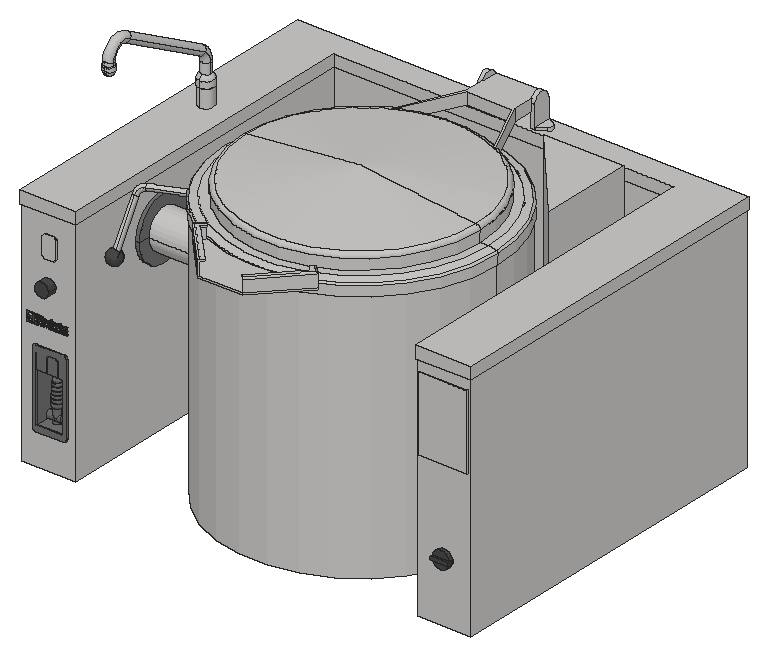
Revit family "QF_ELECTROLUXPROFESSIONAL_586920_PBOT15GDCS", category Specialty Equipment, Revit 2018 (continued)
Automatic sketch dimensions
  Extrusion 25 sketch curve to Extrusion 25 sketch curve = 0.996 mm
  Extrusion 25 sketch curve to Extrusion 25 sketch curve = 0.297 mm  (x2)
  Extrusion 25 sketch curve to Extrusion 25 sketch curve = 2.359 mm
  Extrusion 25 sketch curve to Extrusion 25 sketch curve = 0.839 mm
  Extrusion 25 sketch curve to Extrusion 25 sketch curve = 0.892 mm  (x2)
  Extrusion 25 sketch curve to Extrusion 25 sketch curve = 0.563 mm
  Extrusion 25 sketch curve to Extrusion 25 sketch curve = 1.037 mm
  Extrusion 25 sketch curve to Extrusion 25 sketch curve = 0.531 mm  (x2)
  Extrusion 25 sketch curve to Extrusion 25 sketch curve = 0.068 mm  (x2)
  Extrusion 25 sketch curve to Extrusion 25 sketch curve = 0.203 mm
  Extrusion 25 sketch curve to Extrusion 25 sketch curve = 0.107 mm  (x2)
  Extrusion 25 sketch curve to Extrusion 25 sketch curve = 1.305 mm
  Extrusion 25 sketch curve to Extrusion 25 sketch curve = 1.058 mm
  Extrusion 25 sketch curve to Extrusion 25 sketch curve = 0.365 mm
  Extrusion 25 sketch curve to Extrusion 25 sketch curve = 0.15 mm  (x2)
  Extrusion 25 sketch curve to Extrusion 25 sketch curve = 0.475 mm
  Extrusion 25 sketch curve to Extrusion 25 sketch curve = 0.292 mm
  Extrusion 25 sketch curve to Extrusion 25 sketch curve = 0.434 mm  (x2)
  Extrusion 25 sketch curve to Extrusion 25 sketch curve = 0.385 mm  (x2)
  Extrusion 25 sketch curve to Extrusion 25 sketch curve = 2.117 mm
  Extrusion 25 sketch curve to Extrusion 25 sketch curve = 0.295 mm  (x2)
  Extrusion 25 sketch curve to Extrusion 25 sketch curve = 0.968 mm
  Extrusion 25 sketch curve to Extrusion 25 sketch curve = 3.826 mm
  Extrusion 25 sketch curve to Extrusion 25 sketch curve = 1.018 mm  (x2)
  Extrusion 25 sketch curve to Extrusion 25 sketch curve = 4.718 mm
  Extrusion 25 sketch curve to Extrusion 25 sketch curve = 2.967 mm
  Extrusion 25 sketch curve to Extrusion 25 sketch curve = 1.662 mm
  Extrusion 25 sketch curve to Extrusion 25 sketch curve = 1.626 mm  (x3)
  Extrusion 25 sketch curve to Extrusion 25 sketch curve = 1.65 mm
  Extrusion 25 sketch curve to Extrusion 25 sketch curve = 1.192 mm
  Extrusion 25 sketch curve to Extrusion 25 sketch curve = 2.57 mm  (x2)
  Extrusion 25 sketch curve to Extrusion 25 sketch curve = 3.444 mm  (x2)
  Extrusion 25 sketch curve to Extrusion 25 sketch curve = 1.343 mm  (x2)
  Extrusion 25 sketch curve to Extrusion 25 sketch curve = 1.353 mm  (x2)
  Extrusion 25 sketch curve to Extrusion 25 sketch curve = 0.027 mm  (x2)
  Extrusion 25 sketch curve to Extrusion 25 sketch curve = 0.395 mm  (x2)
  Extrusion 25 sketch curve to Extrusion 25 sketch curve = 0.329 mm  (x2)
  Extrusion 25 sketch curve to Extrusion 25 sketch curve = 0.425 mm  (x2)
  Extrusion 25 sketch curve to Extrusion 25 sketch curve = 0.051 mm  (x2)
  Extrusion 25 sketch curve to Extrusion 25 sketch curve = 0.495 mm  (x2)
  Extrusion 25 sketch curve to Extrusion 25 sketch curve = 0.267 mm  (x2)
  Extrusion 25 sketch curve to Extrusion 25 sketch curve = 1.4 mm
  Extrusion 25 sketch curve to Extrusion 25 sketch curve = 5.233 mm
  Extrusion 25 sketch curve to Extrusion 25 sketch curve = 2.062 mm
  plane 3 "LEFT" to Extrusion 26 sketch curve = 43.4 mm
  Extrusion 26 sketch curve to Extrusion 26 sketch curve = 82 mm
  plane 7 to Extrusion 26 sketch curve = 105.944 mm
  Extrusion 26 sketch curve to Extrusion 26 sketch curve = 195 mm
  Extrusion 21 sketch curve to Extrusion 21 sketch curve = 0 mm
  radius of Extrusion 4 sketch curve = 10 mm
  radius of Extrusion 16 sketch curve = 25 mm
  radius of curve 38 = 25 mm
  radius of Extrusion 18 sketch curve = 20 mm
  radius of Extrusion 21 sketch curve = 6.35 mm  (x2)
  radius of Extrusion 21 sketch curve = 12.7 mm
  radius of Extrusion 25 sketch curve = 2.453 mm
  radius of Extrusion 25 sketch curve = 1.557 mm
  radius of Extrusion 25 sketch curve = 1.468 mm
  radius of Extrusion 25 sketch curve = 2.451 mm
Nested families
  nested 1: "Electrolux_Handle" at (340.415, -646.592, 23.642) x (0.9205, 0.3907, 0) z (0, 0, 1), type "Family1"
  nested 2: "QF_ELECTROLUXPROFESSIONAL_RubSprint" at (80, -230.346, 900), type "QF_ELECTROLUXPROFESSIONAL_RubSprint"
  nested 3: "QF_ELECTROLUXPROFESSIONAL_SprayGun" at (80.4, -737, 291.944), type "QF_ELECTROLUXPROFESSIONAL_SprayGun"
Connectors
  electrical at (1220, 200, 450), driven by "Volts"
    settings: on Extrusion 4, index 1, voltage 230 V, apparent load 300 VA, apparent load phase1 0 VA, apparent load phase2 0 VA, apparent load phase3 0 VA, power factor 1, load classification "Other", number of poles 1, system type 30, power factor state 1, is connector primary yes, connector utility no, sub classification motor no, connector description "Electrical Connection"
  piping at (110.571, 200, 395), diameter 12.7
    settings: on Extrusion 21, index 2, connector inside diameter 1/2", connector length 0 mm, flow factor 0, pipe flow 0 GPM, pressure drop 0.00 psi, fitting loss kfactor 0, connector angle 0.00°, fixture units 0, engagement length 0 mm, angle of deflection 0.00°, flow configuration 1, flow direction 1, fitting loss method 0, system type 20, joint type 0, gender type 0, connector reference index -1, connector utility 0, adjustable connector no, is connector primary yes, connector description "Cold Water Inlet"
  piping at (50, 200, 395), diameter 12.7
    settings: on Extrusion 21, index 3, connector inside diameter 1/2", connector length 0 mm, flow factor 0, pipe flow 0 GPM, pressure drop 0.00 psi, fitting loss kfactor 0, connector angle 0.00°, fixture units 0, engagement length 0 mm, angle of deflection 0.00°, flow configuration 1, flow direction 1, fitting loss method 0, system type 19, joint type 0, gender type 0, connector reference index -1, connector utility 0, adjustable connector no, is connector primary no, connector description "Hot Water Inlet"
  piping at (80.571, 200, 345), diameter 25.4
    settings: on Extrusion 21, index 4, connector inside diameter 1", connector length 0 mm, flow factor 0, pipe flow 0 GPM, pressure drop 0.00 psi, fitting loss kfactor 0, connector angle 0.00°, fixture units 0, engagement length 0 mm, angle of deflection 0.00°, flow configuration 1, flow direction 1, fitting loss method 0, system type 7, joint type 0, gender type 0, connector reference index -1, connector utility 0, adjustable connector no, is connector primary no, connector description "Gas Connection"
Definition of nested family "Electrolux_Handle"
  Parameters
    Assembly Code = ""
  Reference planes
    plane 1 "Center (Front/Back)": y = 0
    plane 2: z = 0
    plane 3 "Center (Left/Right)": x = 0
  Forms (mm)
    Sweep 1, solid
      path origin (0, -272.67, 40.751) x (1, 0, 0) y (0, 0.292372, 0.956305)
        loop
          line (16.511, 924.614) -> (-78.489, 924.614)
          arc (-78.489, 924.614) -> (-94.127, 919.229) -> (-103.135, 905.359) r 25.4
          line (-103.135, 905.359) -> (-140.724, 754.597)
      profile origin (-30.989, -2.339, 924.963) x (0, -0.292372, -0.956305) y (0, -0.956305, 0.292372)
        loop
          circle (0, 0) r 8
    Revolve 2, solid
      sketch origin (0, -272.67, 40.751) x (1, 0, 0) y (0, 0.292372, 0.956305)
        loop
          arc (-160.764, 759.594) -> (-145.72, 734.557) -> (-120.683, 749.601) r 20.654
          line (-120.683, 749.601) -> (-160.764, 759.594)
        axis (-120.683, 749.601) -> (-160.764, 759.594)
      angle from 0 to 360
  Lines and regions (mm)
    symbolic lines
      curve 1: line (16.511, 5.661, 0) -> (-87.322, 5.661, 0)
      curve 2: line (16.511, -9.989, 0) -> (-86.193, -9.989, 0)
      curve 3: line (-133.697, -56.773, 0) -> (-97.513, -15.149, 0)
      curve 4: line (-146.568, -45.584, 0) -> (-111.666, -5.433, 0)
      curve 5: arc (-135.59, -32.955, 0) -> (-154.333, -67.194, 0) -> (-122.78, -44.215, 0) r 20
      curve 6: arc (-146.568, -45.584, 0) -> (-145.727, -57.614, 0) -> (-133.697, -56.773, 0) r 8.527
      curve 7: arc (-87.322, 5.661, 0) -> (-100.698, 2.757, 0) -> (-111.666, -5.433, 0) r 32.256
      curve 8: arc (-86.193, -9.989, 0) -> (-92.413, -11.34, 0) -> (-97.513, -15.149, 0) r 15
  Dimensions and locks
    aligned and locked: level to plane 2
    aligned and locked: Revolve 2 sketch curve to Sweep 1  (x2)
    aligned and locked: curve 1 to Sweep 1
    aligned and locked: Sweep 1 to curve 2
Definition of nested family "QF_ELECTROLUXPROFESSIONAL_RubSprint"
  Reference planes
    plane 1 "Center (Front/Back)": y = 0
    plane 2: z = 0
    plane 3 "Center (Left/Right)": x = 0
  Forms (mm)
    Revolve 1, solid
      sketch origin (0, 0, 0) x (0, 1, 0) y (0, 0, 1)
        loop
          line (-21, 0) -> (0, 0) -> (0, 82.75) -> (-14.385, 82.75)
          arc (-14.385, 82.75) -> (-19.409, 76.68) -> (-22.385, 69.383) r 26
          line (-22.385, 69.383) -> (-22.385, 51.306) -> (-21, 50.388) -> (-21, 0)
        axis (0, 82.75) -> (0, 0)
      angle from 0 to 360
    Sweep 2, solid
      path origin (0, 0, 0) x (0, 1, 0) y (0, 0, 1)
        loop
          line (0, 82.75) -> (0, 113.75)
          arc (0, 113.75) -> (-5.44, 133.889) -> (-20.279, 148.551) r 40
          line (-20.279, 148.551) -> (-290.279, 301.55)
          arc (-290.279, 301.55) -> (-330.139, 301.31) -> (-349.999, 266.749) r 40
          line (-349.999, 266.749) -> (-349.999, 257.884)
      profile origin (0, 0, 98.25) x (0, -1, 0) y (1, 0, 0)
        loop
          circle (0, 0) r 13.5
    Revolve 3, solid
      sketch origin (0, 0, 0) x (0, 1, 0) y (0, 0, 1)
        loop
          line (-333.717, 244.264) -> (-333.717, 254.236)
          arc (-333.717, 254.236) -> (-334.434, 255.758) -> (-335.779, 256.77) r 3.5
          line (-335.779, 256.77) -> (-336.499, 257.884) -> (-349.999, 257.884) -> (-349.999, 233.05) -> (-339.2, 233.05)
          arc (-339.2, 233.05) -> (-338.052, 233.411) -> (-337.32, 234.365) r 2
          line (-337.32, 234.365) -> (-333.717, 244.264)
        axis (-349.999, 257.884) -> (-349.999, 233.05)
      angle from 0 to 360
  Lines and regions (mm)
    symbolic lines
      curve 1: arc (-13.5, -17.856, 0) -> (0, 22.385, 0) -> (13.5, -17.856, 0) r 22.385
      curve 2: arc (-13.5, 0, 0) -> (0, 13.5, 0) -> (13.5, 0, 0) r 13.5
      curve 3: arc (-13.5, -349.999, 0) -> (0, -363.499, 0) -> (13.5, -349.999, 0) r 13.5
      curve 4: arc (-13.5, -340.897, 0) -> (0, -366.281, 0) -> (13.5, -340.897, 0) r 16.282
      curve 5: line (13.5, -349.999, 0) -> (13.5, 0, 0)
      curve 6: line (-13.5, -349.999, 0) -> (-13.5, 0, 0)
  Dimensions and locks
    aligned and locked: level to plane 2
Definition of nested family "QF_ELECTROLUXPROFESSIONAL_SprayGun"
  Reference planes
    plane 1 "Center (Front/Back)": y = 0
    plane 2: z = 0
    plane 3 "SGy": x = 13
    plane 4 "AxeZ": y = -45
    plane 5 "Center (Left/Right)": x = 4
    plane 6 "Center (Top/Right)": z = 112.5
  Forms (mm)
    Revolve 1, solid
      sketch origin (0, -45, 0) x (0, 0, 1) y (-1, 0, 0)
        loop
          line (73.98, -1.423) -> (33.98, -1.423) -> (33.98, -13) -> (151.7, -13) -> (151.7, -4.362)
          arc (151.7, -4.362) -> (147.093, -1.396) -> (141.64, -1.926) r 8.345
          arc (141.64, -1.926) -> (140.226, -2.024) -> (139.103, -1.16) r 2
          arc (139.103, -1.16) -> (138.832, -0.814) -> (138.493, -0.536) r 2
          arc (138.493, -0.536) -> (134.77, 0.557) -> (131.061, -0.581) r 6.745
          arc (131.061, -0.581) -> (129.812, -0.914) -> (128.62, -0.414) r 2
          arc (128.62, -0.414) -> (124.347, 1.338) -> (119.917, 0.035) r 6.972
          arc (119.917, 0.035) -> (118.79, -0.341) -> (117.648, -0.011) r 2
          arc (117.648, -0.011) -> (113.81, 1.188) -> (109.921, 0.166) r 7.275
          arc (109.921, 0.166) -> (108.725, -0.109) -> (107.594, 0.367) r 2
          arc (107.594, 0.367) -> (103.55, 1.928) -> (99.427, 0.587) r 6.475
          arc (99.427, 0.587) -> (98.262, 0.173) -> (97.076, 0.524) r 2
          arc (97.076, 0.524) -> (92.711, 1.941) -> (88.277, 0.758) r 8.094
          arc (88.277, 0.758) -> (87.212, 0.464) -> (86.153, 0.781) r 2
          arc (86.153, 0.781) -> (79.633, 2.075) -> (73.98, -1.423) r 9.075
        axis (151.7, -13) -> (33.98, -13)
      angle from 0 to 360
    Revolve 2, solid
      sketch origin (0, -45, 0) x (0, 0, 1) y (-1, 0, 0)
        loop
          line (47.58, 11.558) -> (40.98, 11.558) -> (40.98, 9.577) -> (35.98, 9.577) -> (35.98, -30.423) -> (40.98, -30.423) -> (40.98, -35.423) -> (47.58, -35.423) -> (47.58, 11.558)
        axis (47.58, 11.558) -> (47.58, -35.423)
      angle from 0 to 360
    Extrusion 3, solid
      sketch origin (0, -45, 0) x (1, 0, 0) y (0, 1, 0)
        loop
          line (21.638, 0) -> (17.319, 7.481) -> (8.681, 7.481) -> (4.362, 0) -> (8.681, -7.481) -> (17.319, -7.481) -> (21.638, 0)
      from 151.7 to 160.974
    Extrusion 4, solid
      sketch origin (0, 0, 0) x (1, 0, 0) y (0, 0, 1)
        loop
          arc (-45, 10) -> (-42.071, 2.929) -> (-35, 0) r 10
          line (-35, 0) -> (43, 0)
          arc (43, 0) -> (50.071, 2.929) -> (53, 10) r 10
          line (53, 10) -> (53, 215)
          arc (53, 215) -> (50.071, 222.071) -> (43, 225) r 10
          line (43, 225) -> (-35, 225)
          arc (-35, 225) -> (-42.071, 222.071) -> (-45, 215) r 10
          line (-45, 215) -> (-45, 10)
        loop
          line (-35, 162) -> (-35, 16) -> (43, 16) -> (43, 162) -> (29, 162) -> (29, 199)
          arc (29, 199) -> (26.657, 204.657) -> (21, 207) r 8
          line (21, 207) -> (5, 207)
          arc (5, 207) -> (-0.657, 204.657) -> (-3, 199) r 8
          line (-3, 199) -> (-3, 162) -> (-35, 162)
      from 63 to 60
    Extrusion 5, solid
      sketch origin (0, 0, 0) x (1, 0, 0) y (0, 0, 1)
        loop
          line (-35, 16) -> (43, 16) -> (43, 162) -> (29, 162) -> (29, 199)
          arc (29, 199) -> (26.657, 204.657) -> (21, 207) r 8
          line (21, 207) -> (5, 207)
          arc (5, 207) -> (-0.657, 204.657) -> (-3, 199) r 8
          line (-3, 199) -> (-3, 162) -> (-35, 162) -> (-35, 16)
        loop
          line (31, 164) -> (31, 199)
          arc (31, 199) -> (28.071, 206.071) -> (21, 209) r 10
          line (21, 209) -> (5, 209)
          arc (5, 209) -> (-2.071, 206.071) -> (-5, 199) r 10
          line (-5, 199) -> (-5, 164) -> (-37, 164) -> (-37, 14) -> (45, 14) -> (45, 164) -> (31, 164)
      from 0 to 60
    Extrusion 6, solid
      sketch origin (0, 0, 0) x (1, 0, 0) y (0, 0, 1)
        loop
          line (-37, 164) -> (-37, 14) -> (45, 14) -> (45, 164) -> (-37, 164)
      from 6 to 0
    Extrusion 7, solid
      sketch origin (0, 0, 0) x (1, 0, 0) y (0, 0, 1)
        loop
          line (28, 160.974) -> (28, 198)
          arc (28, 198) -> (25.657, 203.657) -> (20, 206) r 8
          line (20, 206) -> (6, 206)
          arc (6, 206) -> (0.343, 203.657) -> (-2, 198) r 8
          line (-2, 198) -> (-2, 160.974) -> (28, 160.974)
      from 0 to 63
  Dimensions and locks
    equal spacing: Extrusion 4, plane 5 "Center (Left/Right)", Extrusion 4
    Extrusion 4 to Extrusion 4 = 225 mm
    Extrusion 4 to Extrusion 4 = 98 mm
    aligned and locked: level to plane 2
  Automatic sketch dimensions
    plane 3 "SGy" to Revolve 1 sketch curve = 0 mm  (x2)
    plane 5 "Center (Left/Right)" to Revolve 1 sketch curve = 2.577 mm
    level to Revolve 1 sketch curve = 33.98 mm
    Revolve 1 sketch curve to Revolve 1 sketch curve = 40 mm
    Revolve 1 sketch curve to plane 5 "Center (Left/Right)" = 2.854 mm
    Revolve 1 sketch curve to Revolve 1 sketch curve = 7.27 mm
    Revolve 1 sketch curve to Revolve 1 sketch curve = 5.984 mm
    Revolve 1 sketch curve to plane 5 "Center (Left/Right)" = 2.15 mm
    Revolve 1 sketch curve to Revolve 1 sketch curve = 5.262 mm
    Revolve 1 sketch curve to Revolve 1 sketch curve = 5.712 mm
    Revolve 1 sketch curve to plane 5 "Center (Left/Right)" = 0.545 mm
    Revolve 1 sketch curve to Revolve 1 sketch curve = 5.167 mm
    Revolve 1 sketch curve to Revolve 1 sketch curve = 5.522 mm
    Revolve 1 sketch curve to plane 5 "Center (Left/Right)" = 2.085 mm
    Revolve 1 sketch curve to Revolve 1 sketch curve = 4.746 mm
    Revolve 1 sketch curve to Revolve 1 sketch curve = 5.106 mm
    Revolve 1 sketch curve to plane 5 "Center (Left/Right)" = 1.624 mm
    Revolve 1 sketch curve to Revolve 1 sketch curve = 5.239 mm
    Revolve 1 sketch curve to Revolve 1 sketch curve = 5.96 mm
    Revolve 1 sketch curve to plane 5 "Center (Left/Right)" = 2.187 mm
    Revolve 1 sketch curve to Revolve 1 sketch curve = 4.862 mm
    plane 5 "Center (Left/Right)" to Revolve 1 sketch curve = 1.788 mm
    Revolve 1 sketch curve to Revolve 1 sketch curve = 2.59 mm
    Revolve 1 sketch curve to Revolve 1 sketch curve = 3.403 mm
    plane 3 "SGy" to Revolve 1 sketch curve = 3.493 mm
    Revolve 1 sketch curve to Revolve 1 sketch curve = 4.325 mm
    Revolve 1 sketch curve to Revolve 1 sketch curve = 6.57 mm
    Revolve 1 sketch curve to plane 5 "Center (Left/Right)" = 0.362 mm
    plane 5 "Center (Left/Right)" to Revolve 1 sketch curve = 3.891 mm
    plane 5 "Center (Left/Right)" to Revolve 1 sketch curve = 5.081 mm
    plane 5 "Center (Left/Right)" to Revolve 1 sketch curve = 5.658 mm
    plane 5 "Center (Left/Right)" to Revolve 1 sketch curve = 5.884 mm
    plane 5 "Center (Left/Right)" to Revolve 1 sketch curve = 6.173 mm
    plane 5 "Center (Left/Right)" to Revolve 1 sketch curve = 6.464 mm
    Revolve 1 sketch curve to Revolve 1 sketch curve = 7.72 mm
    Revolve 1 sketch curve to Revolve 1 sketch curve = 0 mm  (x12)
    Revolve 1 sketch curve to Revolve 1 sketch curve = 1.57 mm
    Revolve 2 sketch curve to plane 3 "SGy" = 17.423 mm
    level to Revolve 2 sketch curve = 35.98 mm
    Revolve 2 sketch curve to Revolve 2 sketch curve = 5 mm  (x3)
    Revolve 2 sketch curve to Revolve 2 sketch curve = 6.6 mm
    plane 5 "Center (Left/Right)" to Revolve 2 sketch curve = 13.577 mm
    Revolve 2 sketch curve to Revolve 2 sketch curve = 1.981 mm
    Revolve 2 sketch curve to Revolve 2 sketch curve = 0 mm  (x2)
    Revolve 2 sketch curve to Revolve 2 sketch curve = 4.326 mm
    plane 4 "AxeZ" to Extrusion 3 sketch curve = 0 mm  (x2)
    Extrusion 3 sketch curve to plane 5 "Center (Left/Right)" = 0.362 mm
    plane 3 "SGy" to Extrusion 3 sketch curve = 4.319 mm  (x2)
    Extrusion 3 sketch curve to plane 3 "SGy" = 4.319 mm  (x2)
    Extrusion 3 sketch curve to Extrusion 3 sketch curve = 4.319 mm
    plane 4 "AxeZ" to Extrusion 3 sketch curve = 7.481 mm
    Extrusion 3 sketch curve to plane 4 "AxeZ" = 7.481 mm
    Extrusion 4 sketch curve to level = 0 mm
    level to Extrusion 4 sketch curve = 10 mm
    plane 5 "Center (Left/Right)" to Extrusion 4 sketch curve = 49 mm
    Extrusion 4 sketch curve to Extrusion 4 sketch curve = 10 mm  (x2)
    Extrusion 4 sketch curve to Extrusion 4 sketch curve = 0 mm  (x3)
    plane 5 "Center (Left/Right)" to Extrusion 4 sketch curve = 7 mm
    Extrusion 4 sketch curve to plane 5 "Center (Left/Right)" = 1 mm
    Extrusion 4 sketch curve to plane 3 "SGy" = 8 mm
    Extrusion 4 sketch curve to plane 3 "SGy" = 16 mm
    Extrusion 4 sketch curve to Extrusion 4 sketch curve = 14 mm  (x2)
    Extrusion 4 sketch curve to Extrusion 4 sketch curve = 6 mm
    Extrusion 4 sketch curve to Extrusion 4 sketch curve = 146 mm
    Extrusion 4 sketch curve to Extrusion 4 sketch curve = 37 mm
    Extrusion 4 sketch curve to Extrusion 4 sketch curve = 16 mm
    Extrusion 5 sketch curve to Extrusion 5 sketch curve = 0 mm  (x5)
    level to Extrusion 5 sketch curve = 14 mm
    plane 5 "Center (Left/Right)" to Extrusion 5 sketch curve = 41 mm
    Extrusion 5 sketch curve to Extrusion 5 sketch curve = 2 mm  (x6)
    plane 5 "Center (Left/Right)" to Extrusion 5 sketch curve = 9 mm
    Extrusion 5 sketch curve to plane 5 "Center (Left/Right)" = 1 mm
    Extrusion 5 sketch curve to plane 3 "SGy" = 8 mm
    Extrusion 5 sketch curve to Extrusion 5 sketch curve = 8 mm
    Extrusion 5 sketch curve to plane 3 "SGy" = 30 mm
    Extrusion 5 sketch curve to Extrusion 5 sketch curve = 146 mm
    Extrusion 5 sketch curve to Extrusion 5 sketch curve = 35 mm
    level to Extrusion 6 sketch curve = 14 mm
    plane 5 "Center (Left/Right)" to Extrusion 6 sketch curve = 41 mm
    Extrusion 6 sketch curve to plane 3 "SGy" = 32 mm
    Extrusion 6 sketch curve to Extrusion 6 sketch curve = 150 mm
    plane 5 "Center (Left/Right)" to Extrusion 7 sketch curve = 6 mm
    Extrusion 7 sketch curve to plane 5 "Center (Left/Right)" = 2 mm
    Extrusion 7 sketch curve to plane 3 "SGy" = 7 mm
    Extrusion 7 sketch curve to plane 3 "SGy" = 15 mm
    level to Extrusion 7 sketch curve = 160.974 mm
    Extrusion 7 sketch curve to Extrusion 7 sketch curve = 37.026 mm
